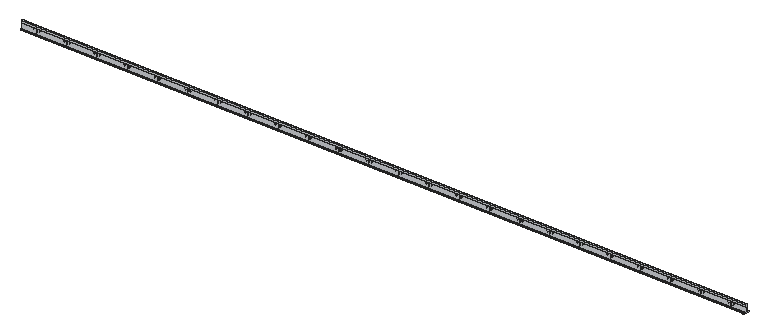
Revit family "Rail02_Crosslock", category Ceilings, Revit 2019
Family settings
  Work Plane-Based = No
  Always vertical = Yes
  Cut with Voids When Loaded = No
  Shared = Yes
Parameters (values of type "Crosslock_24_38")
  n [instance] = Lengte crosslock rail / 150 mm  # 24
  Omschrijving [instance] = "Crosslock"  # constant formula
  Model = "Quick-Lock 24-38"  # constant formula
  Materiaal rail = none
  Manufacturer = "Sain-Gobain API BV"  # constant formula
  Lengte crosslock rail [instance] = 3600 mm
  Kleur rail = none
  Description = "Crosslock"  # constant formula
Reference planes
  plane 1: x = 18256.496
  plane 2: x = 16456.496
  plane 3: x = 20056.496
  plane 4: z = 18.75
  plane 5: z = 37.5
  plane 6: z = 0
  plane 7: y = -196.869
  plane 8: y = -208.119
  plane 9: y = -185.619
  plane 10: x = 16531.496
  plane 11: x = 16681.496
  plane 12: z = 6.3
Forms (mm)
  Sweep 1, solid, material <- "Kleur rail"
    path origin (30.48, -196.869, 4055.239) x (0, 0, 1) y (-1, 0, 0)
      loop
        line (-4055.239, -16426.016) -> (-4055.239, -20026.016)
    profile "Rail02_Crosslock : Rail02_Crosslock" origin (18256.496, -196.869, 0) x (0, 0, 1) y (0, -1, 0)
      loop
        line (0.58, -0.38) -> (27.15, -0.38) -> (27.15, -3.13) -> (37.166, -3.13)
        arc (37.166, -3.13) -> (37.5, 0.02) -> (37.166, 3.17) r 15
        line (37.166, 3.17) -> (27.15, 3.17) -> (27.15, 0.42) -> (0.58, 0.42) -> (0.58, 7.814) -> (1.315, 11.27) -> (0, 11.27) -> (0, -11.23) -> (1.315, -11.23) -> (0.58, -7.774) -> (0.58, -0.38)
Lines and regions (mm)
  model lines, style "Crosslock_rail"
    curve 1: line (16456.496, -196.889, 37.5) -> (20056.496, -196.869, 37.5)
Dimensions and locks
  equal spacing: plane 5, plane 4, plane 6
  equal spacing: plane 3, plane 1, plane 2
  equal spacing: plane 9, plane 7, plane 8
  locked: plane 5 to plane 6 at 37.5
  locked: plane 9 to plane 8 at 22.5
  "Lengte crosslock rail": plane 3 to plane 2
  plane 11 to plane 10 to plane 2 = 150 mm, 75 mm
  locked: plane 12 to plane 6 at 6.3
  equal spacing: group 1, group 2, group 3, group 4, group 5, group 6, group 7, group 8, group 9, group 10, group 11, group 12, group 13, group 14, group 15, group 16, group 17, group 18, group 19, group 20, group 21, group 22, group 23, group 24  (x3)
  aligned and locked: plane 2 to Sweep 1 sketch curve
  aligned and locked: plane 3 to Sweep 1 sketch curve
  aligned and locked: Sweep 1 sketch curve to plane 6
  aligned and locked: plane 12 to nested 1
  aligned and locked: plane 10 to nested 1
  aligned and locked: plane 11 to nested 2
  aligned and locked: plane 12 to nested 2
  aligned and locked: plane 2 to curve 1
  aligned and locked: plane 3 to curve 1
  aligned and locked: curve 1 to plane 5
Automatic sketch dimensions
  curve 1 to plane 2 = 0 mm
  curve 1 to plane 3 = 0 mm
  plane 7 to curve 1 = 0 mm
  plane 7 to curve 1 = 0.02 mm
Nested families
  nested 1: "Gatenpatroon_crosslock_GM" at (16531.496, -197.289, 6.3) x (1, 0, 0) z (0, -1, 0), type "Gatenpatroon_crosslock_GM"
    with Lengte gat 1 mm, Diameter gat 20 mm
  nested 2: "Gatenpatroon_crosslock_GM" at (16681.496, -197.289, 6.3) x (1, 0, 0) z (0, -1, 0), type "Gatenpatroon_crosslock_GM"
    with Lengte gat 1 mm, Diameter gat 20 mm
  nested 3: "Gatenpatroon_crosslock_GM" at (16831.496, -197.289, 6.3) x (1, 0, 0) z (0, -1, 0), type "Gatenpatroon_crosslock_GM"
    with Lengte gat 1 mm, Diameter gat 20 mm
  nested 4: "Gatenpatroon_crosslock_GM" at (16981.496, -197.289, 6.3) x (1, 0, 0) z (0, -1, 0), type "Gatenpatroon_crosslock_GM"
    with Lengte gat 1 mm, Diameter gat 20 mm
  nested 5: "Gatenpatroon_crosslock_GM" at (17131.496, -197.289, 6.3) x (1, 0, 0) z (0, -1, 0), type "Gatenpatroon_crosslock_GM"
    with Lengte gat 1 mm, Diameter gat 20 mm
  nested 6: "Gatenpatroon_crosslock_GM" at (17281.496, -197.289, 6.3) x (1, 0, 0) z (0, -1, 0), type "Gatenpatroon_crosslock_GM"
    with Lengte gat 1 mm, Diameter gat 20 mm
  nested 7: "Gatenpatroon_crosslock_GM" at (17431.496, -197.289, 6.3) x (1, 0, 0) z (0, -1, 0), type "Gatenpatroon_crosslock_GM"
    with Lengte gat 1 mm, Diameter gat 20 mm
  nested 8: "Gatenpatroon_crosslock_GM" at (17581.496, -197.289, 6.3) x (1, 0, 0) z (0, -1, 0), type "Gatenpatroon_crosslock_GM"
    with Lengte gat 1 mm, Diameter gat 20 mm
  nested 9: "Gatenpatroon_crosslock_GM" at (17731.496, -197.289, 6.3) x (1, 0, 0) z (0, -1, 0), type "Gatenpatroon_crosslock_GM"
    with Lengte gat 1 mm, Diameter gat 20 mm
  nested 10: "Gatenpatroon_crosslock_GM" at (17881.496, -197.289, 6.3) x (1, 0, 0) z (0, -1, 0), type "Gatenpatroon_crosslock_GM"
    with Lengte gat 1 mm, Diameter gat 20 mm
  nested 11: "Gatenpatroon_crosslock_GM" at (18031.496, -197.289, 6.3) x (1, 0, 0) z (0, -1, 0), type "Gatenpatroon_crosslock_GM"
    with Lengte gat 1 mm, Diameter gat 20 mm
  nested 12: "Gatenpatroon_crosslock_GM" at (18181.496, -197.289, 6.3) x (1, 0, 0) z (0, -1, 0), type "Gatenpatroon_crosslock_GM"
    with Lengte gat 1 mm, Diameter gat 20 mm
  nested 13: "Gatenpatroon_crosslock_GM" at (18331.496, -197.289, 6.3) x (1, 0, 0) z (0, -1, 0), type "Gatenpatroon_crosslock_GM"
    with Lengte gat 1 mm, Diameter gat 20 mm
  nested 14: "Gatenpatroon_crosslock_GM" at (18481.496, -197.289, 6.3) x (1, 0, 0) z (0, -1, 0), type "Gatenpatroon_crosslock_GM"
    with Lengte gat 1 mm, Diameter gat 20 mm
  nested 15: "Gatenpatroon_crosslock_GM" at (18631.496, -197.289, 6.3) x (1, 0, 0) z (0, -1, 0), type "Gatenpatroon_crosslock_GM"
    with Lengte gat 1 mm, Diameter gat 20 mm
  nested 16: "Gatenpatroon_crosslock_GM" at (18781.496, -197.289, 6.3) x (1, 0, 0) z (0, -1, 0), type "Gatenpatroon_crosslock_GM"
    with Lengte gat 1 mm, Diameter gat 20 mm
  nested 17: "Gatenpatroon_crosslock_GM" at (18931.496, -197.289, 6.3) x (1, 0, 0) z (0, -1, 0), type "Gatenpatroon_crosslock_GM"
    with Lengte gat 1 mm, Diameter gat 20 mm
  nested 18: "Gatenpatroon_crosslock_GM" at (19081.496, -197.289, 6.3) x (1, 0, 0) z (0, -1, 0), type "Gatenpatroon_crosslock_GM"
    with Lengte gat 1 mm, Diameter gat 20 mm
  nested 19: "Gatenpatroon_crosslock_GM" at (19231.496, -197.289, 6.3) x (1, 0, 0) z (0, -1, 0), type "Gatenpatroon_crosslock_GM"
    with Lengte gat 1 mm, Diameter gat 20 mm
  nested 20: "Gatenpatroon_crosslock_GM" at (19381.496, -197.289, 6.3) x (1, 0, 0) z (0, -1, 0), type "Gatenpatroon_crosslock_GM"
    with Lengte gat 1 mm, Diameter gat 20 mm
  nested 21: "Gatenpatroon_crosslock_GM" at (19531.496, -197.289, 6.3) x (1, 0, 0) z (0, -1, 0), type "Gatenpatroon_crosslock_GM"
    with Lengte gat 1 mm, Diameter gat 20 mm
  nested 22: "Gatenpatroon_crosslock_GM" at (19681.496, -197.289, 6.3) x (1, 0, 0) z (0, -1, 0), type "Gatenpatroon_crosslock_GM"
    with Lengte gat 1 mm, Diameter gat 20 mm
  nested 23: "Gatenpatroon_crosslock_GM" at (19831.496, -197.289, 6.3) x (1, 0, 0) z (0, -1, 0), type "Gatenpatroon_crosslock_GM"
    with Lengte gat 1 mm, Diameter gat 20 mm
  nested 24: "Gatenpatroon_crosslock_GM" at (19981.496, -197.289, 6.3) x (1, 0, 0) z (0, -1, 0), type "Gatenpatroon_crosslock_GM"
    with Lengte gat 1 mm, Diameter gat 20 mm
